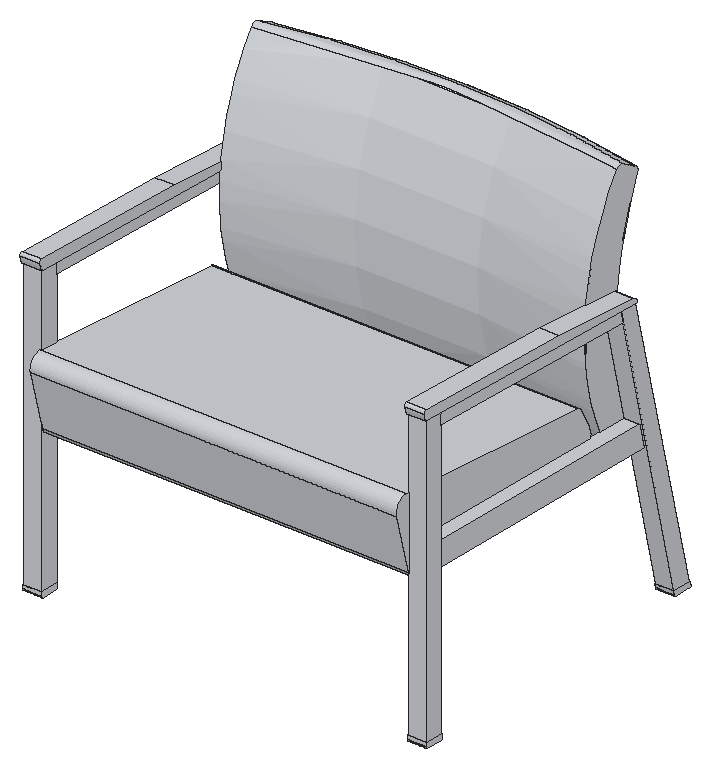
Revit family "Seat-LaZBoy-Kadia_Mod_Visitor_Seating-KAM10B", category Furniture, Revit 2017
Family settings
  OmniClass Number = 23.40.20.00
  OmniClass Title = General Furniture and Specialties
  Work Plane-Based = No
  Always vertical = Yes
  Cut with Voids When Loaded = No
  Shared = No
  Room Calculation Point = No
Parameters (values of type "Solid Surface Arm Caps")
  Width = 33.50"  # constant formula
  URL = "https://www.la-z-boy.com/"
  Seat Material [instance] = none
  Product Documentation Link = "URL"
  Model = "KAM10BJ"
  Manufacturer = "LaZBoy"
  Height = 33.25"  # constant formula
  Description = "Bariatric Guest Chair with Solid Surface Arm Caps"
  Depth = 28.50"  # constant formula
  Copyright © = "Inc"
  Back Material [instance] = none
  Assembly Code = "E2020200"
  Armcap Material [instance] = none
  Arm Material [instance] = none
Types (3): name | Model | Description
  Wood Arm Caps | "KAM10BW" | "Bariatric Guest Chair with Arm Wood Arm Caps"
  Urethane Arm Caps | "KAM10BU" | "Bariatric Guest Chair with Arm Urethane Arm Caps"
  Solid Surface Arm Caps | "KAM10BJ" | "Bariatric Guest Chair with Solid Surface Arm Caps"
Reference planes (in)
  plane 1 "Center (Front/Back)": y = 0
  plane 2: z = 0
  plane 3 "Center (Left/Right)": x = 0
  plane 4 "Left": x = -15.75
  plane 5 "Right": x = 15.75
  plane 6: y = -14.25
  plane 7: x = 16.75
  plane 8: x = -16.75
  plane 9: z = 33.25
  plane 10: y = 14.25
  plane 11: z = 45
Forms (in)
  Extrusion 1, solid, material <- "Seat Material"
    sketch origin (0, 0, 0) x (0, 1, 0) y (0, 0, 1)
      loop
        line (-14.20977, 17.31062) -> (-12.97981, 12.5796)
        arc (-12.97981, 12.5796) -> (-12.80573, 12.31297) -> (-12.50598, 12.20551) r 0.5
        line (-12.50598, 12.20551) -> (-11.38081, 12.18281)
        arc (-11.38081, 12.18281) -> (-11.29166, 12.21765) -> (-11.25325, 12.30532) r 0.12505
        line (-11.25325, 12.30532) -> (-11.20993, 14.45317) -> (5.29993, 14.12012)
        arc (5.29993, 14.12012) -> (5.65915, 14.23248) -> (5.8094, 14.57757) r 0.45291
        arc (5.8094, 14.57757) -> (5.74318, 15.0541) -> (5.56542, 15.50117) r 2.00636
        line (5.56542, 15.50117) -> (4.83996, 16.83345)
        arc (4.83996, 16.83345) -> (4.70704, 16.98141) -> (4.52178, 17.05378) r 0.43026
        arc (4.52178, 17.05378) -> (-4.32435, 18.04888) -> (-13.21148, 18.56177) r 163.74963
        arc (-13.21148, 18.56177) -> (-14.02361, 18.18593) -> (-14.20977, 17.31062) r 1
    from -15.1875 to 15.1875
  Sweep 2, solid, material <- "Back Material"
    path origin (35.5, 0.06102, 0) x (-1, 0, 0) y (0, -1, 0)
      loop
        arc (18.75, -5.00291) -> (35.5, -7.007) -> (52.25, -5.00291) r 70.99952
    profile origin (0, 7.06802, 0) x (0, -1, 0) y (0, 0, 1)
      loop
        line (-3.82553, 33.15655) -> (-4.96652, 32.49779)
        arc (-4.96652, 32.49779) -> (-5.18921, 32.22778) -> (-5.18028, 31.8779) r 0.5
        arc (-5.18028, 31.8779) -> (-3.77988, 27.53705) -> (-3.00779, 23.04172) r 32.15405
        arc (-3.00779, 23.04172) -> (-2.95561, 21.65891) -> (-3.07319, 20.28013) r 11.27682
        arc (-3.07319, 20.28013) -> (-3.8735, 16.732) -> (-5.19763, 13.34431) r 24.14909
        arc (-5.19763, 13.34431) -> (-5.15941, 12.67101) -> (-4.56911, 12.34492) r 0.69733
        line (-4.56911, 12.34492) -> (-2.83305, 12.34492)
        arc (-2.83305, 12.34492) -> (-2.44708, 12.45186) -> (-2.17118, 12.74218) r 0.75
        arc (-2.17118, 12.74218) -> (0.13626, 22.99768) -> (-3.12432, 32.99108) r 19.82345
        arc (-3.12432, 32.99108) -> (-3.44211, 33.2129) -> (-3.82553, 33.15655) r 0.52548
  Extrusion 3, void
    sketch origin (35.5, -0.5, 0) x (-1, 0, 0) y (0, -1, 0)
      loop
        line (20.375, -14.75291) -> (50.625, -14.75291) -> (50.625, -0.75291) -> (20.375, -0.75291) -> (20.375, -14.75291)
      loop
        line (17.11809, -16.24229) -> (54.45511, -16.24229) -> (54.45511, 0.35146) -> (17.11809, 0.35146) -> (17.11809, -16.24229)
    from 0 to 45.27313
  Extrusion 4, solid, material <- "Arm Material"
    sketch origin (-23.5, 0, 0) x (0, 1, 0) y (0, 0, 1)
      loop
        line (-11.53552, 23.46763) -> (7.29722, 22.74599) -> (7.06924, 23.69802) -> (-11.53552, 24.41093) -> (-11.53552, 23.46763)
    from 38.6875 to 40.1875
  Extrusion 5, solid, material <- "Arm Material"
    sketch origin (23.5, 0, 0) x (0, 1, 0) y (0, 0, -1)
      loop
        line (-11.53552, -23.46763) -> (-11.53552, -24.41093) -> (7.06924, -23.69802) -> (7.29722, -22.74599) -> (-11.53552, -23.46763)
    from 38.6875 to 40.1875
Cuts and joins
  Extrusion 3 cuts Sweep 2
Lines and regions (in)
  Masking region 1
    outline origin (27, 0, 0) x (1, 0, 0) y (0, 1, 0)
      loop
        arc (-12.3125, -14.25) -> (-11.95895, -14.10355) -> (-11.8125, -13.75) r 0.5
        line (-11.8125, -13.75) -> (-11.8125, 10.70078)
        arc (-11.8125, 10.70078) -> (-26.96801, 12.34266) -> (-42.125, 10.71443) r 71.06347
        line (-42.125, 10.71443) -> (-42.125, -13.75)
        arc (-42.125, -13.75) -> (-41.97855, -14.10355) -> (-41.625, -14.25) r 0.5
        line (-41.625, -14.25) -> (-12.3125, -14.25)
  symbolic lines, detail levels medium+fine
    curve 1: line (-13.49303, 5.79993, 0) -> (13.49303, 5.79993, 0)
    curve 2: arc (15.1875, 5.45078, 0) -> (0.03199, 7.09266, 0) -> (-15.125, 5.46443, 0) r 71.06347
Dimensions and locks (in)
  equal spacing: plane 4 "Left", plane 3 "Center (Left/Right)", plane 5 "Right"
  equal spacing: plane 8, plane 3 "Center (Left/Right)", plane 7
  "Width": plane 8 to plane 7
  "Height": plane 9 to plane 2
  locked: plane 8 to plane 4 "Left" at 1
  plane 5 "Right" to plane 7 = 1.00"
  equal spacing: plane 10, plane 1 "Center (Front/Back)", plane 6
  "Depth": plane 6 to plane 10
  plane 11 to level = 45.00"
  aligned and locked: level to plane 2
  aligned and locked: plane 3 "Center (Left/Right)" to nested 1
  aligned and locked: plane 1 "Center (Front/Back)" to nested 1
  aligned and locked: plane 10 to nested 2
  aligned and locked: nested 2 to plane 8
  aligned and locked: plane 7 to nested 3
  aligned and locked: plane 10 to nested 3
  aligned and locked: Masking region 1 sketch curve to plane 6
Automatic sketch dimensions
  curve 2 to plane 3 "Center (Left/Right)" = 0.00"
  plane 6 to curve 2 = 49.7208"
  plane 4 "Left" to curve 1 = 2.25697"
  plane 4 "Left" to curve 2 = 0.625"
  plane 5 "Right" to curve 2 = 0.5625"
  curve 2 to plane 1 "Center (Front/Back)" = 5.45078"
  plane 6 to Extrusion 1 sketch curve = 3.94909"
  Extrusion 1 sketch curve to plane 6 = 0.04023"
  Extrusion 1 sketch curve to Extrusion 1 sketch curve = 0.96783"
  Extrusion 1 sketch curve to plane 6 = 1.27019"
  Extrusion 1 sketch curve to Extrusion 1 sketch curve = 0.47383"
  Extrusion 1 sketch curve to Extrusion 1 sketch curve = 0.48391"
  Extrusion 1 sketch curve to Extrusion 1 sketch curve = 1.12518"
  Extrusion 1 sketch curve to Extrusion 1 sketch curve = 0.00252"
  Extrusion 1 sketch curve to Extrusion 1 sketch curve = 0.12503"
  Extrusion 1 sketch curve to Extrusion 1 sketch curve = 0.04333"
  Extrusion 1 sketch curve to plane 1 "Center (Front/Back)" = 3.80336"
  Extrusion 1 sketch curve to Extrusion 1 sketch curve = 0.65872"
  Extrusion 1 sketch curve to Extrusion 1 sketch curve = 0.37787"
  Extrusion 1 sketch curve to Extrusion 1 sketch curve = 1.49656"
  Extrusion 1 sketch curve to Extrusion 1 sketch curve = 0.05664"
  Extrusion 1 sketch curve to Extrusion 1 sketch curve = 0.20885"
  Extrusion 1 sketch curve to level = 145.11188"
  level to Extrusion 1 sketch curve = 12.18281"
  Extrusion 1 sketch curve to Extrusion 1 sketch curve = 0.0227"
  Extrusion 1 sketch curve to Extrusion 1 sketch curve = 0.12251"
  Extrusion 1 sketch curve to Extrusion 1 sketch curve = 0.37409"
  level to Extrusion 1 sketch curve = 14.12012"
  Extrusion 1 sketch curve to Extrusion 1 sketch curve = 0.42156"
  Extrusion 1 sketch curve to Extrusion 1 sketch curve = 0.44935"
  Extrusion 1 sketch curve to Extrusion 1 sketch curve = 0.9317"
  Extrusion 1 sketch curve to Extrusion 1 sketch curve = 1.12651"
  Extrusion 1 sketch curve to Extrusion 1 sketch curve = 0.20576"
  Extrusion 1 sketch curve to Extrusion 1 sketch curve = 2.85745"
  Extrusion 1 sketch curve to Extrusion 1 sketch curve = 0.25161"
  Extrusion 1 sketch curve to Extrusion 1 sketch curve = 0.00"
  Masking region 1 sketch curve to plane 3 "Center (Left/Right)" = 0.00"
  plane 4 "Left" to Masking region 1 sketch curve = 1.125"
  Masking region 1 sketch curve to plane 6 = 0.50"
  plane 5 "Right" to Masking region 1 sketch curve = 1.0625"
  Masking region 1 sketch curve to Masking region 1 sketch curve = 0.50"
  plane 6 to Masking region 1 sketch curve = 44.4708"
  Masking region 1 sketch curve to plane 10 = 3.54922"
  Sweep 2 sketch curve to plane 7 = 0.00"
  Sweep 2 sketch curve to plane 3 "Center (Left/Right)" = 0.00"
  Sweep 2 sketch curve to plane 8 = 0.00"
  plane 6 to Sweep 2 sketch curve = 49.68149"
  Sweep 2 sketch curve to plane 1 "Center (Front/Back)" = 5.06393"
  profile plane to Sweep 2 sketch curve = 19.86016"
  profile plane to Sweep 2 sketch curve = 35.00404"
  Sweep 2 sketch curve to Sweep 2 sketch curve = 8.04033"
  Sweep 2 sketch curve to Sweep 2 sketch curve = 7.29844"
  Sweep 2 sketch curve to Sweep 2 sketch curve = 5.436"
  profile plane to Sweep 2 sketch curve = 4.96652"
  Sweep 2 sketch curve to Sweep 2 sketch curve = 0.25"
  profile plane to Sweep 2 sketch curve = 4.56911"
  Sweep 2 sketch curve to Sweep 2 sketch curve = 1.14099"
  Sweep 2 sketch curve to Sweep 2 sketch curve = 0.26274"
  Sweep 2 sketch curve to Sweep 2 sketch curve = 1.73606"
  profile plane to Sweep 2 sketch curve = 13.09492"
  Sweep 2 sketch curve to Sweep 2 sketch curve = 0.05267"
  Sweep 2 sketch curve to Sweep 2 sketch curve = 0.75"
  Sweep 2 sketch curve to Sweep 2 sketch curve = 8.88365"
  Sweep 2 sketch curve to Sweep 2 sketch curve = 0.13969"
  Sweep 2 sketch curve to Sweep 2 sketch curve = 1.73893"
  Sweep 2 sketch curve to Sweep 2 sketch curve = 10.13888"
  Sweep 2 sketch curve to Sweep 2 sketch curve = 0.43301"
  Sweep 2 sketch curve to Sweep 2 sketch curve = 0.63669"
  Sweep 2 sketch curve to Sweep 2 sketch curve = 0.45508"
  Sweep 2 sketch curve to Sweep 2 sketch curve = 0.00"  (x4)
  Extrusion 3 sketch curve to plane 7 = 1.63191"
  plane 10 to Extrusion 3 sketch curve = 0.00291"
  plane 5 "Right" to Extrusion 3 sketch curve = 0.625"
  plane 4 "Left" to Extrusion 3 sketch curve = 0.625"
  plane 1 "Center (Front/Back)" to Extrusion 3 sketch curve = 0.85146"
  Extrusion 3 sketch curve to plane 8 = 2.20511"
  plane 10 to Extrusion 3 sketch curve = 1.49229"
  Extrusion 3 sketch curve to plane 1 "Center (Front/Back)" = 0.25291"
  Extrusion 4 sketch curve to plane 6 = 2.71448"
  Extrusion 4 sketch curve to plane 1 "Center (Front/Back)" = 7.06924"
  Extrusion 4 sketch curve to Extrusion 4 sketch curve = 0.22798"
  Extrusion 4 sketch curve to plane 9 = 10.50401"
  Extrusion 4 sketch curve to plane 9 = 9.78237"
  Extrusion 4 sketch curve to Extrusion 4 sketch curve = 0.95203"
  Extrusion 4 sketch curve to Extrusion 4 sketch curve = 0.9433"
  Extrusion 5 sketch curve to plane 6 = 2.71448"
  Extrusion 5 sketch curve to plane 1 "Center (Front/Back)" = 7.06924"
  Extrusion 5 sketch curve to Extrusion 5 sketch curve = 0.22798"
  Extrusion 5 sketch curve to plane 9 = 8.83907"
  Extrusion 5 sketch curve to plane 9 = 9.55198"
  Extrusion 5 sketch curve to Extrusion 5 sketch curve = 0.9433"
  Extrusion 5 sketch curve to Extrusion 5 sketch curve = 0.95203"
Nested families (in)
  nested 1: "Label 1-16" at (0, 0, 0), type "Center", detail levels fine
    with Offset (LR) 0.00"
  nested 2: "KAM-Legs" at (-15.9375, -0.62521, 0), type "Standard"
  nested 3: "KAM-Legs" at (15.9375, -0.62521, 0) x (-1, 0, 0) z (0, 0, 1), type "Standard"
Definition of nested family "KAM-Legs"
  Parameters (values of type "Standard")
    URL = ""
    Model = ""
    Manufacturer = ""
    Description = ""
    Assembly Code = "E2020200"
    Armcap Material = none
    Arm Material = none
  Reference planes (in)
    plane 1 "Center (Front/Back)": y = 0
    plane 2: z = 0
    plane 3 "Center (Left/Right)": x = 0
    plane 4 "Left": x = -0.75
    plane 5 "Right": x = 0.75
    plane 6 "Top": z = 7.875
    plane 7: z = 3.9375
    plane 8: y = 14.87521
    plane 9: y = -12.70677
    plane 10: x = -0.8125
    plane 11: x = 0.8125
  Forms (in)
    Extrusion 1, solid, material <- "Arm Material"
      sketch origin (0, 0, 0) x (0, 1, 0) y (0, 0, 1)
        loop
          line (14.77719, 0.5562) -> (9.21278, 23.70234) -> (7.67912, 23.76206) -> (13.2361, 0.5562) -> (14.77719, 0.5562)
        loop
          line (-10.91031, 0.54831) -> (-10.91031, 24.62591) -> (-12.39735, 24.62591) -> (-12.39735, 0.54831) -> (-10.91031, 0.54831)
      from -0.75 to 0.75
    Extrusion 2, solid, material <- "Armcap Material"
      sketch origin (0, 0, 0) x (0, 1, 0) y (0, 0, 1)
        loop
          line (9.31962, 23.63575) -> (9.28113, 23.81681)
          arc (9.28113, 23.81681) -> (9.14966, 24.04635) -> (8.90912, 24.15643) r 0.43259
          arc (8.90912, 24.15643) -> (5.08499, 24.53404) -> (1.2488, 24.75811) r 95.87237
          line (1.2488, 24.75811) -> (-12.47645, 25.28404)
          arc (-12.47645, 25.28404) -> (-12.65161, 25.20907) -> (-12.70444, 25.026) r 0.22237
          arc (-12.70444, 25.026) -> (-12.635, 24.74221) -> (-12.52223, 24.47269) r 1.87069
          line (-12.52223, 24.47269) -> (9.31962, 23.63575)
      from -0.8125 to 0.8125
    Extrusion 3, solid
      sketch origin (0, 0.00399, 0) x (1, 0, 0) y (0, 1, 0)
        loop
          circle (0, 14.05016) r 0.56382
        loop
          circle (0, -11.66859) r 0.56382
      from 0 to 0.262
    Extrusion 4, solid, material <- "Arm Material"
      sketch origin (0, 0, 0) x (0, 1, 0) y (0, 0, 1)
        loop
          line (9.94865, 14.28456) -> (-10.91031, 14.70467) -> (-10.91031, 12.70427) -> (10.42999, 12.27446) -> (9.94865, 14.28456)
      from 0.75 to -0.5
    Extrusion 5, solid
      sketch origin (0, 0, 0) x (0, 1, 0) y (0, 0, 1)
        loop
          line (14.80347, 0.5562) -> (13.20606, 0.5562) -> (13.28835, 0.19977)
          arc (13.28835, 0.19977) -> (13.33819, 0.12079) -> (13.42636, 0.09) r 0.14163
          line (13.42636, 0.09) -> (14.75158, 0.09)
          arc (14.75158, 0.09) -> (14.85088, 0.1379) -> (14.87521, 0.24543) r 0.12689
          line (14.87521, 0.24543) -> (14.80347, 0.5562)
        loop
          line (-10.88531, 0.54831) -> (-12.43327, 0.54831) -> (-12.43327, 0.21253)
          arc (-12.43327, 0.21253) -> (-12.39854, 0.12868) -> (-12.31468, 0.09394) r 0.11859
          line (-12.31468, 0.09394) -> (-11.00771, 0.09394)
          arc (-11.00771, 0.09394) -> (-10.92116, 0.12979) -> (-10.88531, 0.21634) r 0.1224
          line (-10.88531, 0.21634) -> (-10.88531, 0.54831)
      from 0.79 to -0.79
  Lines and regions (in)
    Masking region 1
      outline origin (0, 0, 0) x (1, 0, 0) y (0, 1, 0)
        loop
          line (-0.75, 14.87521) -> (-0.75, 9.31962) -> (-0.8125, 9.31962) -> (-0.8125, -12.70677) -> (0.8125, -12.70677) -> (0.8125, 9.31962) -> (0.75, 9.31962) -> (0.75, 14.87521) -> (-0.75, 14.87521)
    symbolic lines, detail levels medium+fine
      curve 1: line (-0.75, 9.31962, 0) -> (0.75, 9.31962, 0)
  Dimensions and locks (in)
    equal spacing: plane 4 "Left", plane 3 "Center (Left/Right)", plane 5 "Right"
    plane 2 to plane 6 "Top" = 7.875"
    equal spacing: plane 6 "Top", plane 7, plane 2
    aligned and locked: level to plane 2
    aligned and locked: Masking region 1 sketch curve to plane 8
    aligned and locked: Masking region 1 sketch curve to plane 4 "Left"
    aligned and locked: plane 5 "Right" to Masking region 1 sketch curve
    aligned and locked: Masking region 1 sketch curve to plane 9
    aligned and locked: Masking region 1 sketch curve to Extrusion 2
    aligned and locked: Extrusion 2 to Masking region 1 sketch curve
  Automatic sketch dimensions
    Extrusion 3 sketch curve to plane 3 "Center (Left/Right)" = 0.00"  (x2)
    Extrusion 4 sketch curve to Extrusion 4 sketch curve = 0.48135"
    Extrusion 4 sketch curve to plane 6 "Top" = 4.39946"
    Extrusion 4 sketch curve to plane 6 "Top" = 4.82927"
    Extrusion 3 sketch curve to plane 1 "Center (Front/Back)" = 14.05415"
    Extrusion 4 sketch curve to plane 6 "Top" = 6.40956"
    plane 1 "Center (Front/Back)" to Extrusion 3 sketch curve = 11.6646"
    Extrusion 1 sketch curve to plane 9 = 0.30942"
    Extrusion 1 sketch curve to Extrusion 1 sketch curve = 1.48705"
    Extrusion 1 sketch curve to plane 8 = 0.09802"
    level to Extrusion 1 sketch curve = 0.54831"
    level to Extrusion 1 sketch curve = 0.5562"
    Extrusion 1 sketch curve to plane 6 "Top" = 16.75091"
    Extrusion 1 sketch curve to plane 8 = 7.19609"
    Extrusion 1 sketch curve to Extrusion 1 sketch curve = 1.53366"
    Extrusion 1 sketch curve to Extrusion 1 sketch curve = 1.54109"
    Extrusion 1 sketch curve to Extrusion 1 sketch curve = 0.05972"
    Extrusion 1 sketch curve to plane 6 "Top" = 15.82734"
    Extrusion 4 sketch curve to Extrusion 4 sketch curve = 2.00041"
    Extrusion 4 sketch curve to plane 9 = 1.79647"
    Extrusion 4 sketch curve to plane 8 = 4.44522"
    Extrusion 2 sketch curve to plane 9 = 0.18455"
    Extrusion 2 sketch curve to plane 9 = 0.2218"
    Extrusion 2 sketch curve to Extrusion 2 sketch curve = 0.00851"
    Extrusion 2 sketch curve to Extrusion 2 sketch curve = 1.61828"
    plane 1 "Center (Front/Back)" to Extrusion 2 sketch curve = 2.42217"
    Extrusion 2 sketch curve to plane 1 "Center (Front/Back)" = 1.2488"
    Extrusion 2 sketch curve to plane 8 = 6.01722"
    Extrusion 2 sketch curve to Extrusion 2 sketch curve = 0.42314"
    Extrusion 2 sketch curve to Extrusion 2 sketch curve = 0.03849"
    Extrusion 2 sketch curve to level = 71.04395"
    Extrusion 2 sketch curve to plane 6 "Top" = 15.76075"
    Extrusion 2 sketch curve to Extrusion 2 sketch curve = 0.09112"
    Extrusion 2 sketch curve to Extrusion 2 sketch curve = 0.18106"
    Extrusion 2 sketch curve to plane 6 "Top" = 16.59769"
    Extrusion 2 sketch curve to Extrusion 2 sketch curve = 1.03124"
    Extrusion 2 sketch curve to Extrusion 2 sketch curve = 0.58913"
    Extrusion 2 sketch curve to Extrusion 2 sketch curve = 0.22221"
    Extrusion 2 sketch curve to Extrusion 2 sketch curve = 0.04331"
    Extrusion 5 sketch curve to plane 8 = 0.00"
    Extrusion 5 sketch curve to plane 8 = 0.07175"
    Extrusion 5 sketch curve to plane 8 = 0.12364"
    level to Extrusion 5 sketch curve = 0.23163"
    Extrusion 5 sketch curve to Extrusion 5 sketch curve = 1.32522"
    level to Extrusion 5 sketch curve = 0.19977"
    Extrusion 5 sketch curve to Extrusion 5 sketch curve = 0.138"
    level to Extrusion 5 sketch curve = 0.5562"
    Extrusion 5 sketch curve to Extrusion 5 sketch curve = 0.08229"
    level to Extrusion 5 sketch curve = 0.21634"
    Extrusion 5 sketch curve to plane 9 = 1.82147"
    Extrusion 5 sketch curve to Extrusion 5 sketch curve = 0.1224"
    Extrusion 5 sketch curve to plane 9 = 0.39209"
    Extrusion 5 sketch curve to plane 9 = 0.2735"
    Extrusion 5 sketch curve to Extrusion 5 sketch curve = 0.12689"
    Extrusion 5 sketch curve to Extrusion 5 sketch curve = 0.33578"
    Masking region 1 sketch curve to plane 8 = 5.5556"
    Masking region 1 sketch curve to Masking region 1 sketch curve = 0.00"
    curve 1 to plane 4 "Left" = 0.00"
    curve 1 to plane 5 "Right" = 0.00"
    curve 1 to plane 8 = 5.5556"
    radius of Extrusion 3 sketch curve = 0.56382"  (x2)
Definition of nested family "Label 1-16"
  Parameters (values of type "Center")
    P_Width = 0.00"
    Text_Width = "Empty"
    Text_Height = "Empty"
    Text_Diameter = "Empty"
    Text_Depth = "Empty"
    Offset (LR) [instance] = 0.00"
    Model Name = "6961"
    P_Height = 0.00"
    Distance of Center (not Change) = 0.00"
    P_Diameter = 0.00"
    P_Depth = 0.00"
  Reference planes (in)
    plane 1: y = 0
    plane 2: x = 0
  Lines and regions (in)
    reference lines
      curve 1: line (-0.44359, 0, 0) -> (0.41085, 0, 0)
      curve 3: line (0, 0.32564, 0) -> (0, -0.40221, 0)
    reference lines, not visible
      curve 2: line (-0.44359, 0.09843, 0) -> (0.41085, 0.09843, 0)
      curve 4: line (0, 0.42407, 0) -> (0, -0.30379, 0)
  Text (in)
    label "Empty" at (0.00197, -0.0079, 0), shows "Model Name"
    label "Empty" at (0.00197, 0.09052, 0), shows "Model Name", not visible
  Dimensions and locks (in)
    "Distance of Center (not Change)": plane 1 to curve 1
    "Offset (LR)": curve 3 to plane 2
  Automatic sketch dimensions
    curve 1 to curve 3 = 0.44359"
    curve 3 to curve 1 = 0.41085"
    curve 3 to curve 1 = 0.40221"
    curve 1 to curve 3 = 0.32564"
    curve 2 to curve 4 = 0.44359"
    curve 4 to curve 2 = 0.41085"
    curve 4 to curve 2 = 0.40221"
    curve 2 to curve 4 = 0.32564"
